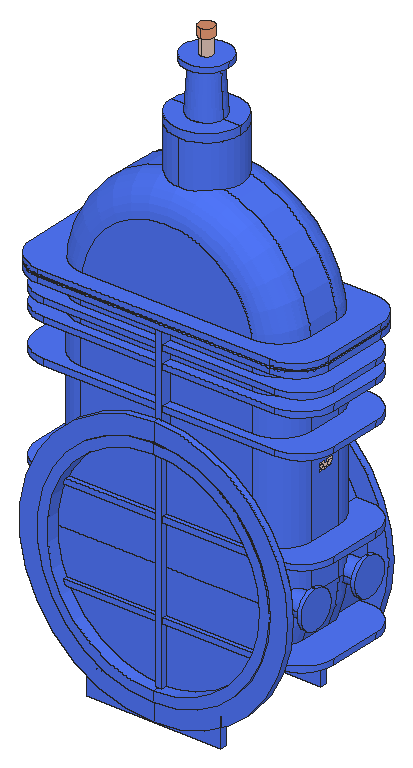
Revit family "54-3132-001 DN1400-1800", category Pipe Accessories, Revit 2022
Family settings
  Round Connector Dimension = Use Diameter
  Part Type = Valve - Breaks Into
  Work Plane-Based = No
  Always vertical = No
  Cut with Voids When Loaded = No
  Shared = No
Parameters (values of type "54-1400-31-0303100")
  wedge_dim1 = Body_W * 1.1  # 712.80 mm
  sweep = size_lookup(Search_table, "sweep", 0.00 mm, DN)  # 6.00 mm
  stem_dim1 = Actuator_FLR * 0.65  # 97.50 mm
  stem_dim = F2 / 3  # 55.333 mm
  bottom_rib = OD * 0.5  # 885.00 mm
  W_half = W - W1  # 1059.00 mm
  W1 = size_lookup(Search_table, "W1", 0.00 mm, DN)  # 897.00 mm
  W = size_lookup(Search_table, "W", 0.00 mm, DN)  # 1956.00 mm
  Stem_dim = Actuator_FLR * 0.5  # 75.00 mm
  Rib_W = (Bonnet_FL_W * 0.9) / 2  # 388.80 mm
  Rib_L = (Bonnet_FL_L * 0.9) / 2  # 880.20 mm
  Rib_H4 = size_lookup(Search_table, "Rib_H4", 0.00 mm, DN)  # 1310.00 mm
  Rib_H3 = size_lookup(Search_table, "Rib_H3", 0.00 mm, DN)  # 1200.00 mm
  Rib_H2 = size_lookup(Search_table, "Rib_H2", 0.00 mm, DN)  # 950.00 mm
  Rib_H1 = size_lookup(Search_table, "Rib_H1", 0.00 mm, DN)  # 300.00 mm
  Rib_H = Body_H * 0.8  # 1148.00 mm
  Rib_Actual = W / 2  # 978.00 mm
  Raised_dis = size_lookup(Search_table, "Raised_dis", 0.00 mm, DN)  # 5.00 mm
  Raised_dia = size_lookup(Search_table, "Raised_dia", 0.00 mm, DN)  # 1530.00 mm
  PN = size_lookup(Search_table, "PN", 0.00 mm, DN)  # 10.00 mm
  OD1 = H2 * 2  # 1770.00 mm
  OD = size_lookup(Search_table, "OD", 0.00 mm, DN)  # 1770.00 mm
  L = size_lookup(Search_table, "L", 0.00 mm, DN)  # 876.00 mm
  H2 = size_lookup(Search_table, "H2", 0.00 mm, DN)  # 885.00 mm
  H1 = size_lookup(Search_table, "H1", 0.00 mm, DN)  # 2870.00 mm
  H = 782.00 mm
  Fillet = Body_W / 3  # 216.00 mm
  FL_T = size_lookup(Search_table, "FL_T", 0.00 mm, DN)  # 46.00 mm
  F2 = size_lookup(Search_table, "F2", 0.00 mm, DN)  # 166.00 mm
  F1 = F * 0.45  # 27.00 mm
  F = Actuator_FLR * 0.4  # 60.00 mm
  DN = 1400.00 mm
  Description_ = "AVK METAL SEAT GATE VALVE, FLANGED, PN 10/16"
  Default Elevation = 0.00 mm
  Search_table = "54-3132-001 DN1400-1800"
  URL product pages = "https://www.avkvalves.com/P.aspx?no=540350310101100"
  Cut_dis = Bonnet_FL_T / 2  # 43.70 mm
  Bypass_shaft = size_lookup(Search_table, "Bypass_shaft", 0.00 mm, DN)  # 150.00 mm
  Bypass_dis = size_lookup(Search_table, "Bypass_dis", 0.00 mm, DN)  # 60.00 mm
  Bypass_T = size_lookup(Search_table, "Bypass_T", 0.00 mm, DN)  # 25.00 mm
  Bypass_R1 = Bypass_R * 2  # 124.00 mm
  Bypass_R = size_lookup(Search_table, "Bypass_R", 0.00 mm, DN)  # 62.00 mm
  Bypass_W = size_lookup(Search_table, "Bypass_W", 0.00 mm, DN)  # 82.00 mm
  Bypass_Location = size_lookup(Search_table, "Bypass_Location", 0.00 mm, DN)  # 220.00 mm
  Bypass_Arc = size_lookup(Search_table, "Bypass_Arc", 0.00 mm, DN)  # 85.00 mm
  Bore = DN / 2  # 700.00 mm
  Bonnet_fillet = Fillet / 3  # 72.00 mm
  Bonnet_dim3 = H1 * 0.86  # 2468.20 mm
  Bonnet_dim2 = Body_W * 0.35  # 226.80 mm
  Bonnet_dim1 = Body_L * 0.2  # 312.96 mm
  Bonnet_FL_W = size_lookup(Search_table, "Bonnet_FL_W", 0.00 mm, DN)  # 864.00 mm
  Bonnet_FL_T = FL_T * 1.9  # 87.40 mm
  Bonnet_FL_L = size_lookup(Search_table, "Bonnet_FL_L", 0.00 mm, DN)  # 1956.00 mm
  Body_rib_T = FL_T * 0.4  # 18.40 mm
  Body_T = size_lookup(Search_table, "Body_T", 0.00 mm, DN) / 2  # 692.50 mm
  Body_W = Bonnet_FL_W * 0.75  # 648.00 mm
  Body_L = Bonnet_FL_L * 0.8  # 1564.80 mm
  Body_H = H1 / 2  # 1435.00 mm
  BP_centre = Bypass_R / 2  # 31.00 mm
  Actuator_dim2 = Actuator_dim1 * 0.6  # 54.00 mm
  Actuator_dim1 = Actuator_FLR * 0.6  # 90.00 mm
  Actuator_angle = Bonnet_dim2 / 1.7  # 133.412 mm
  Actuator_FLR = size_lookup(Search_table, "Actuator_FLR", 0.00 mm, DN) / 2  # 150.00 mm
  ADN = size_lookup(Search_table, "ADN", 0.00 mm, DN)  # 1400.00 mm
  ACtuator_T = Body_rib_T * 1.8  # 33.12 mm
  54-1800-32-1304100 = "DN1800_ PN16_ CTO"
  54-1800-32-0304100 = "DN1800_ PN10_ CTO"
  54-1800-31-1304100 = "DN1800_ PN16_ CTC"
  54-1800-31-0304100 = "DN1800_ PN10_ CTC"
  54-1600-32-1303100 = "DN1600_ PN16_ CTO"
  54-1600-32-0303100 = "DN1600_ PN10_ CTO"
  54-1600-31-1304100 = "DN1600_ PN16_ CTC"
  54-1600-31-1303100 = "DN1600_ PN16_ CTC"
  54-1600-31-0304100 = "DN1600_ PN10_ CTC"
  54-1600-31-0303100 = "DN1600_ PN10_ CTC"
  54-1500-31-1304100 = "DN1500_ PN16_ CTC"
  54-1500-31-0304100 = "DN1500_ PN10_ CTC"
  54-1400-32-1304100 = "DN1400_ PN16_ CTO"
  54-1400-32-1303100 = "DN1400_ PN16_ CTO"
  54-1400-32-0303100 = "DN1400_ PN10_ CTO"
  54-1400-31-1304100 = "DN1400_ PN16_ CTC"
  54-1400-31-1303100 = "DN1400_ PN16_ CTC"
  54-1400-31-0304100 = "DN1400_ PN10_ CTC"
  54-1400-31-0303100 = "DN1400_ PN10_ CTC"
  10 = 10.00 mm  # constant formula
  1 = 1.00 mm  # constant formula
Types (20, lengths in mm): name | wedge_dim1 | stem_dim1 | stem_dim | bottom_rib | W_half | W1 | W | Stem_dim | Rib_W | Rib_L | Rib_H4 | Rib_H3 | Rib_H2 | Rib_H | Rib_Actual | Raised_dia | PN | OD1 | OD | L | H2 | H1 | Fillet | FL_T | F2 | F1 | F | DN | Cut_dis | Bypass_shaft | Bypass_T | Bypass_R1 | Bypass_R | Bypass_Location | Bypass_Arc | Bore | Bonnet_fillet | Bonnet_dim3 | Bonnet_dim2 | Bonnet_dim1 | Bonnet_FL_W | Bonnet_FL_T | Bonnet_FL_L | Body_rib_T | Body_T | Body_W | Body_L | Body_H | BP_centre | Actuator_dim2 | Actuator_dim1 | Actuator_angle | Actuator_FLR | ADN | ACtuator_T
  (no name) | 712.80 | 97.50 | 55.333 | 885.00 | 1059.00 | 897.00 | 1956.00 | 75.00 | 388.80 | 880.20 | 1310.00 | 1200.00 | 950.00 | 1148.00 | 978.00 | 1530.00 | 10.00 | 1770.00 | 1770.00 | 876.00 | 885.00 | 2870.00 | 216.00 | 46.00 | 166.00 | 27.00 | 60.00 | 1400.00 | 43.70 | 150.00 | 25.00 | 124.00 | 62.00 | 220.00 | 85.00 | 700.00 | 72.00 | 2468.20 | 226.80 | 312.96 | 864.00 | 87.40 | 1956.00 | 18.40 | 692.50 | 648.00 | 1564.80 | 1435.00 | 31.00 | 54.00 | 90.00 | 133.412 | 150.00 | 1400.00 | 33.12
  54-1400-31-0303100 | 712.80 | 97.50 | 55.333 | 885.00 | 1059.00 | 897.00 | 1956.00 | 75.00 | 388.80 | 880.20 | 1310.00 | 1200.00 | 950.00 | 1148.00 | 978.00 | 1530.00 | 10.00 | 1770.00 | 1770.00 | 876.00 | 885.00 | 2870.00 | 216.00 | 46.00 | 166.00 | 27.00 | 60.00 | 1400.00 | 43.70 | 150.00 | 25.00 | 124.00 | 62.00 | 220.00 | 85.00 | 700.00 | 72.00 | 2468.20 | 226.80 | 312.96 | 864.00 | 87.40 | 1956.00 | 18.40 | 692.50 | 648.00 | 1564.80 | 1435.00 | 31.00 | 54.00 | 90.00 | 133.412 | 150.00 | 1400.00 | 33.12
  54-1400-31-0304100 | 712.80 | 113.75 | 67.333 | 885.00 | 1059.00 | 897.00 | 1956.00 | 87.50 | 388.80 | 880.20 | 1310.00 | 1200.00 | 950.00 | 1148.00 | 978.00 | 1530.00 | 10.00 | 1770.00 | 1770.00 | 876.00 | 885.00 | 2870.00 | 216.00 | 46.00 | 202.00 | 31.50 | 70.00 | 1400.10 | 43.70 | 150.00 | 25.00 | 124.00 | 62.00 | 220.00 | 85.00 | 700.05 | 72.00 | 2468.20 | 226.80 | 312.96 | 864.00 | 87.40 | 1956.00 | 18.40 | 692.50 | 648.00 | 1564.80 | 1435.00 | 31.00 | 63.00 | 105.00 | 133.412 | 175.00 | 1400.00 | 33.12
  54-1400-31-1303100 | 712.80 | 97.50 | 55.333 | 885.00 | 1059.00 | 897.00 | 1956.00 | 75.00 | 388.80 | 880.20 | 1310.00 | 1200.00 | 950.00 | 1148.00 | 978.00 | 1530.00 | 16.00 | 1770.00 | 1770.00 | 876.00 | 885.00 | 2870.00 | 216.00 | 60.00 | 166.00 | 27.00 | 60.00 | 1400.11 | 57.00 | 150.00 | 25.00 | 124.00 | 62.00 | 220.00 | 85.00 | 700.055 | 72.00 | 2468.20 | 226.80 | 312.96 | 864.00 | 114.00 | 1956.00 | 24.00 | 692.50 | 648.00 | 1564.80 | 1435.00 | 31.00 | 54.00 | 90.00 | 133.412 | 150.00 | 1400.00 | 43.20
  54-1400-31-1304100 | 712.80 | 113.75 | 67.333 | 885.00 | 1059.00 | 897.00 | 1956.00 | 87.50 | 388.80 | 880.20 | 1310.00 | 1200.00 | 950.00 | 1148.00 | 978.00 | 1530.00 | 16.00 | 1770.00 | 1770.00 | 876.00 | 885.00 | 2870.00 | 216.00 | 60.00 | 202.00 | 31.50 | 70.00 | 1400.12 | 57.00 | 150.00 | 25.00 | 124.00 | 62.00 | 220.00 | 85.00 | 700.06 | 72.00 | 2468.20 | 226.80 | 312.96 | 864.00 | 114.00 | 1956.00 | 24.00 | 692.50 | 648.00 | 1564.80 | 1435.00 | 31.00 | 63.00 | 105.00 | 133.412 | 175.00 | 1400.00 | 43.20
  54-1400-32-0303100 | 712.80 | 97.50 | 55.333 | 885.00 | 1059.00 | 897.00 | 1956.00 | 75.00 | 388.80 | 880.20 | 1310.00 | 1200.00 | 950.00 | 1148.00 | 978.00 | 1530.00 | 10.00 | 1770.00 | 1770.00 | 876.00 | 885.00 | 2870.00 | 216.00 | 46.00 | 166.00 | 27.00 | 60.00 | 1400.13 | 43.70 | 150.00 | 25.00 | 124.00 | 62.00 | 220.00 | 85.00 | 700.065 | 72.00 | 2468.20 | 226.80 | 312.96 | 864.00 | 87.40 | 1956.00 | 18.40 | 692.50 | 648.00 | 1564.80 | 1435.00 | 31.00 | 54.00 | 90.00 | 133.412 | 150.00 | 1400.00 | 33.12
  54-1400-32-1303100 | 712.80 | 97.50 | 55.333 | 885.00 | 1059.00 | 897.00 | 1956.00 | 75.00 | 388.80 | 880.20 | 1310.00 | 1200.00 | 950.00 | 1148.00 | 978.00 | 1530.00 | 16.00 | 1770.00 | 1770.00 | 876.00 | 885.00 | 2870.00 | 216.00 | 60.00 | 166.00 | 27.00 | 60.00 | 1400.14 | 57.00 | 150.00 | 25.00 | 124.00 | 62.00 | 220.00 | 85.00 | 700.07 | 72.00 | 2468.20 | 226.80 | 312.96 | 864.00 | 114.00 | 1956.00 | 24.00 | 692.50 | 648.00 | 1564.80 | 1435.00 | 31.00 | 54.00 | 90.00 | 133.412 | 150.00 | 1400.00 | 43.20
  54-1400-32-1304100 | 712.80 | 113.75 | 67.333 | 885.00 | 1059.00 | 897.00 | 1956.00 | 87.50 | 388.80 | 880.20 | 1310.00 | 1200.00 | 950.00 | 1148.00 | 978.00 | 1530.00 | 16.00 | 1770.00 | 1770.00 | 876.00 | 885.00 | 2870.00 | 216.00 | 60.00 | 202.00 | 31.50 | 70.00 | 1400.15 | 57.00 | 150.00 | 25.00 | 124.00 | 62.00 | 220.00 | 85.00 | 700.075 | 72.00 | 2468.20 | 226.80 | 312.96 | 864.00 | 114.00 | 1956.00 | 24.00 | 692.50 | 648.00 | 1564.80 | 1435.00 | 31.00 | 63.00 | 105.00 | 133.412 | 175.00 | 1400.00 | 43.20
  54-1500-31-0304100 | 754.05 | 113.75 | 68.333 | 1016.00 | 1210.00 | 1000.00 | 2210.00 | 87.50 | 411.30 | 994.50 | 1450.00 | 1300.00 | 1200.00 | 1267.60 | 1105.00 | 1640.00 | 10.00 | 2032.00 | 2032.00 | 914.00 | 1016.00 | 3169.00 | 228.50 | 47.50 | 205.00 | 31.50 | 70.00 | 1500.00 | 45.125 | 160.00 | 18.00 | 150.00 | 75.00 | 220.00 | 85.00 | 750.00 | 76.167 | 2725.34 | 239.925 | 353.60 | 914.00 | 90.25 | 2210.00 | 19.00 | 742.50 | 685.50 | 1768.00 | 1584.50 | 37.50 | 63.00 | 105.00 | 141.132 | 175.00 | 1500.00 | 34.20
  54-1500-31-1304100 | 754.05 | 113.75 | 68.333 | 1016.00 | 1210.00 | 1000.00 | 2210.00 | 87.50 | 411.30 | 994.50 | 1450.00 | 1300.00 | 1200.00 | 1267.60 | 1105.00 | 1640.00 | 16.00 | 2032.00 | 2032.00 | 914.00 | 1016.00 | 3169.00 | 228.50 | 62.50 | 205.00 | 31.50 | 70.00 | 1500.10 | 59.375 | 160.00 | 18.00 | 150.00 | 75.00 | 220.00 | 85.00 | 750.05 | 76.167 | 2725.34 | 239.925 | 353.60 | 914.00 | 118.75 | 2210.00 | 25.00 | 742.50 | 685.50 | 1768.00 | 1584.50 | 37.50 | 63.00 | 105.00 | 141.132 | 175.00 | 1500.00 | 45.00
  54-1600-31-0303100 | 754.05 | 97.50 | 59.667 | 1060.00 | 1186.00 | 1104.00 | 2290.00 | 75.00 | 411.30 | 1030.50 | 1500.00 | 1300.00 | 1100.00 | 1316.40 | 1145.00 | 1750.00 | 10.00 | 2120.00 | 2120.00 | 914.00 | 1060.00 | 3291.00 | 228.50 | 49.00 | 179.00 | 27.00 | 60.00 | 1600.00 | 46.55 | 170.00 | 35.00 | 160.00 | 80.00 | 259.00 | 100.00 | 800.00 | 76.167 | 2830.26 | 239.925 | 366.40 | 914.00 | 93.10 | 2290.00 | 19.60 | 792.50 | 685.50 | 1832.00 | 1645.50 | 40.00 | 54.00 | 90.00 | 141.132 | 150.00 | 1600.00 | 35.28
  54-1600-31-0304100 | 754.05 | 113.75 | 68.333 | 1060.00 | 1186.00 | 1104.00 | 2290.00 | 87.50 | 411.30 | 1030.50 | 1500.00 | 1300.00 | 1100.00 | 1316.40 | 1145.00 | 1750.00 | 10.00 | 2120.00 | 2120.00 | 914.00 | 1060.00 | 3291.00 | 228.50 | 49.00 | 205.00 | 31.50 | 70.00 | 1600.10 | 46.55 | 170.00 | 35.00 | 160.00 | 80.00 | 259.00 | 100.00 | 800.05 | 76.167 | 2830.26 | 239.925 | 366.40 | 914.00 | 93.10 | 2290.00 | 19.60 | 792.50 | 685.50 | 1832.00 | 1645.50 | 40.00 | 63.00 | 105.00 | 141.132 | 175.00 | 1600.00 | 35.28
  54-1600-31-1303100 | 754.05 | 97.50 | 59.667 | 1060.00 | 1186.00 | 1104.00 | 2290.00 | 75.00 | 411.30 | 1030.50 | 1500.00 | 1300.00 | 1100.00 | 1316.40 | 1145.00 | 1750.00 | 16.00 | 2120.00 | 2120.00 | 914.00 | 1060.00 | 3291.00 | 228.50 | 65.00 | 179.00 | 27.00 | 60.00 | 1600.11 | 61.75 | 170.00 | 35.00 | 160.00 | 80.00 | 259.00 | 100.00 | 800.055 | 76.167 | 2830.26 | 239.925 | 366.40 | 914.00 | 123.50 | 2290.00 | 26.00 | 792.50 | 685.50 | 1832.00 | 1645.50 | 40.00 | 54.00 | 90.00 | 141.132 | 150.00 | 1600.00 | 46.80
  54-1600-31-1304100 | 754.05 | 113.75 | 68.333 | 1060.00 | 1186.00 | 1104.00 | 2290.00 | 87.50 | 411.30 | 1030.50 | 1500.00 | 1300.00 | 1100.00 | 1316.40 | 1145.00 | 1750.00 | 16.00 | 2120.00 | 2120.00 | 914.00 | 1060.00 | 3291.00 | 228.50 | 65.00 | 205.00 | 31.50 | 70.00 | 1600.12 | 61.75 | 170.00 | 35.00 | 160.00 | 80.00 | 259.00 | 100.00 | 800.06 | 76.167 | 2830.26 | 239.925 | 366.40 | 914.00 | 123.50 | 2290.00 | 26.00 | 792.50 | 685.50 | 1832.00 | 1645.50 | 40.00 | 63.00 | 105.00 | 141.132 | 175.00 | 1600.00 | 46.80
  54-1600-32-0303100 | 754.05 | 97.50 | 59.667 | 1060.00 | 1186.00 | 1104.00 | 2290.00 | 75.00 | 411.30 | 1030.50 | 1500.00 | 1300.00 | 1100.00 | 1316.40 | 1145.00 | 1750.00 | 10.00 | 2120.00 | 2120.00 | 914.00 | 1060.00 | 3291.00 | 228.50 | 49.00 | 179.00 | 27.00 | 60.00 | 1600.13 | 46.55 | 170.00 | 35.00 | 160.00 | 80.00 | 259.00 | 100.00 | 800.065 | 76.167 | 2830.26 | 239.925 | 366.40 | 914.00 | 93.10 | 2290.00 | 19.60 | 792.50 | 685.50 | 1832.00 | 1645.50 | 40.00 | 54.00 | 90.00 | 141.132 | 150.00 | 1600.00 | 35.28
  54-1600-32-1303100 | 754.05 | 97.50 | 59.667 | 1060.00 | 1186.00 | 1104.00 | 2290.00 | 75.00 | 411.30 | 1030.50 | 1500.00 | 1300.00 | 1100.00 | 1316.40 | 1145.00 | 1750.00 | 16.00 | 2120.00 | 2120.00 | 914.00 | 1060.00 | 3291.00 | 228.50 | 65.00 | 179.00 | 27.00 | 60.00 | 1600.14 | 61.75 | 170.00 | 35.00 | 160.00 | 80.00 | 259.00 | 100.00 | 800.07 | 76.167 | 2830.26 | 239.925 | 366.40 | 914.00 | 123.50 | 2290.00 | 26.00 | 792.50 | 685.50 | 1832.00 | 1645.50 | 40.00 | 54.00 | 90.00 | 141.132 | 150.00 | 1600.00 | 46.80
  54-1800-31-0304100 | 838.20 | 113.75 | 69.333 | 1180.00 | 1194.00 | 1260.00 | 2454.00 | 87.50 | 457.20 | 1074.60 | 1700.00 | 1500.00 | 1300.00 | 1463.60 | 1227.00 | 1950.00 | 10.00 | 2360.00 | 2360.00 | 1067.00 | 1180.00 | 3659.00 | 254.00 | 52.00 | 208.00 | 31.50 | 70.00 | 1800.00 | 49.40 | 150.00 | 40.00 | 170.00 | 85.00 | 259.00 | 105.00 | 900.00 | 84.667 | 3146.74 | 266.70 | 382.08 | 1016.00 | 98.80 | 2388.00 | 20.80 | 892.50 | 762.00 | 1910.40 | 1829.50 | 42.50 | 63.00 | 105.00 | 156.882 | 175.00 | 1800.00 | 37.44
  54-1800-31-1304100 | 838.20 | 113.75 | 69.333 | 1180.00 | 1194.00 | 1260.00 | 2454.00 | 87.50 | 457.20 | 1074.60 | 1700.00 | 1500.00 | 1300.00 | 1463.60 | 1227.00 | 1950.00 | 16.00 | 2360.00 | 2360.00 | 1067.00 | 1180.00 | 3659.00 | 254.00 | 70.00 | 208.00 | 31.50 | 70.00 | 1800.10 | 66.50 | 150.00 | 40.00 | 170.00 | 85.00 | 259.00 | 105.00 | 900.05 | 84.667 | 3146.74 | 266.70 | 382.08 | 1016.00 | 133.00 | 2388.00 | 28.00 | 892.50 | 762.00 | 1910.40 | 1829.50 | 42.50 | 63.00 | 105.00 | 156.882 | 175.00 | 1800.00 | 50.40
  54-1800-32-0304100 | 838.20 | 113.75 | 69.333 | 1180.00 | 1194.00 | 1260.00 | 2454.00 | 87.50 | 457.20 | 1074.60 | 1700.00 | 1500.00 | 1300.00 | 1463.60 | 1227.00 | 1950.00 | 10.00 | 2360.00 | 2360.00 | 1067.00 | 1180.00 | 3659.00 | 254.00 | 52.00 | 208.00 | 31.50 | 70.00 | 1800.11 | 49.40 | 150.00 | 40.00 | 170.00 | 85.00 | 259.00 | 105.00 | 900.055 | 84.667 | 3146.74 | 266.70 | 382.08 | 1016.00 | 98.80 | 2388.00 | 20.80 | 892.50 | 762.00 | 1910.40 | 1829.50 | 42.50 | 63.00 | 105.00 | 156.882 | 175.00 | 1800.00 | 37.44
  54-1800-32-1304100 | 838.20 | 113.75 | 69.333 | 1180.00 | 1194.00 | 1260.00 | 2454.00 | 87.50 | 457.20 | 1074.60 | 1700.00 | 1500.00 | 1300.00 | 1463.60 | 1227.00 | 1950.00 | 16.00 | 2360.00 | 2360.00 | 1067.00 | 1180.00 | 3659.00 | 254.00 | 70.00 | 208.00 | 31.50 | 70.00 | 1800.12 | 66.50 | 150.00 | 40.00 | 170.00 | 85.00 | 259.00 | 105.00 | 900.06 | 84.667 | 3146.74 | 266.70 | 382.08 | 1016.00 | 133.00 | 2388.00 | 28.00 | 892.50 | 762.00 | 1910.40 | 1829.50 | 42.50 | 63.00 | 105.00 | 156.882 | 175.00 | 1800.00 | 50.40
Reference planes
  plane 1 "Center (Front/Back)": y = 0
  plane 2: z = 0
  plane 3 "Center (Left/Right)": x = 0
  plane 4: z = 700
  plane 5: y = 190.5
  plane 6: y = -190.5
  plane 7: x = -1059
  plane 8: y = 438
  plane 9: y = -438
  plane 10: y = 392
  plane 11: y = -392
  plane 12: z = 885
  plane 13: z = -885
  plane 14: z = 885
  plane 15: z = -885
  plane 16: z = 765
  plane 17: z = -765
  plane 18: y = 324
  plane 19: y = -324
  plane 20: x = -782.4
  plane 21: x = 782.4
  plane 22: z = 1435
  plane 23: y = 432
  plane 24: y = -432
  plane 25: x = -978
  plane 26: x = 978
  plane 27: z = 1522.4
  plane 28: z = 2870
  plane 29: y = 432
  plane 30: y = -432
  plane 31: z = 2468.2
  plane 32: z = 300
  plane 33: z = 277.5
  plane 34: y = -432
  plane 35: y = 432
  plane 36: z = 3036
  plane 37: x = 897
  plane 38: x = 878.6
  plane 39: y = 356.4
  plane 40: y = -356.4
  plane 41: x = -442.5
  plane 42: x = 442.5
  plane 43: z = -700
  plane 44: y = -433
  plane 45: y = 433
  plane 46: x = -442.5
  plane 47: x = 442.5
  plane 48: z = -700
  plane 49: x = -30
  plane 50: x = 30
  plane 51: x = -13.5
  plane 52: x = 13.5
  plane 53: x = -150
  plane 54: x = 150
  plane 55: x = 700
  plane 56: z = 950
  plane 57: z = 1200
  plane 58: z = 1310
  plane 59: z = 2980.667
  plane 60: y = -220
  plane 61: y = 220
  plane 62: z = -700
  plane 63: y = -220
  plane 64: y = 220
  plane 65: x = 226.8
  plane 66: x = -978
  plane 67: x = 978
Forms (mm)
  Revolve 1, solid, material "Plastic"
    sketch origin (0, 0, 0) x (0, 1, 0) y (0, 0, 1)
      loop
        line (438, 700) -> (438, 765) -> (433, 765) -> (433, 885) -> (392, 885) -> (392, 746) -> (-392, 746) -> (-392, 885) -> (-433, 885) -> (-433, 765) -> (-438, 765) -> (-438, 700) -> (438, 700)
      axis (438, 0) -> (-438, 0)
    angle from 0 to 360
  Extrusion 2, solid, material "Plastic"
    sketch origin (0, 0, 0) x (1, 0, 0) y (0, 1, 0)
      loop
        arc (-566.4, 324) -> (-719.135, 260.735) -> (-782.4, 108) r 216
        line (-782.4, 108) -> (-782.4, -108)
        arc (-782.4, -108) -> (-719.135, -260.735) -> (-566.4, -324) r 216
        line (-566.4, -324) -> (566.4, -324)
        arc (566.4, -324) -> (719.135, -260.735) -> (782.4, -108) r 216
        line (782.4, -108) -> (782.4, 108)
        arc (782.4, 108) -> (719.135, 260.735) -> (566.4, 324) r 216
        line (566.4, 324) -> (-566.4, 324)
    from 0 to 1435
  Revolve 3, solid, material "Plastic"
    sketch origin (0, 0, 0) x (1, 0, 0) y (0, 1, 0)
      loop
        arc (-566.4, 324) -> (-719.135, 260.735) -> (-782.4, 108) r 216
        line (-782.4, 108) -> (-782.4, -108)
        arc (-782.4, -108) -> (-719.135, -260.735) -> (-566.4, -324) r 216
        line (-566.4, -324) -> (0, -324) -> (0, 324) -> (-566.4, 324)
      axis (0, 324) -> (0, -324)
    angle from 0 to 180
  Extrusion 4, solid, material "Plastic"
    sketch origin (0, 417.889, 1435) x (0, 1, 0) y (-1, 0, 0)
      loop
        arc (14.111, 762) -> (-49.154, 914.735) -> (-201.889, 978) r 216
        line (-201.889, 978) -> (-633.889, 978)
        arc (-633.889, 978) -> (-786.624, 914.735) -> (-849.889, 762) r 216
        line (-849.889, 762) -> (-849.889, -762)
        arc (-849.889, -762) -> (-786.624, -914.735) -> (-633.889, -978) r 216
        line (-633.889, -978) -> (-201.889, -978)
        arc (-201.889, -978) -> (-49.154, -914.735) -> (14.111, -762) r 216
        line (14.111, -762) -> (14.111, 762)
    from 0 to 87.4
  Revolve 5, solid, material "Plastic"
    sketch origin (0, 417.889, 1435) x (0, 1, 0) y (-1, 0, 0)
      loop
        arc (-309.889, -782.4) -> (-157.154, -719.135) -> (-93.889, -566.4) r 216
        line (-93.889, -566.4) -> (-93.889, 0) -> (-741.889, 0) -> (-741.889, -566.4)
        arc (-741.889, -566.4) -> (-678.624, -719.135) -> (-525.889, -782.4) r 216
        line (-525.889, -782.4) -> (-309.889, -782.4)
      axis (-93.889, 0) -> (-741.889, 0)
    angle from 360 to 180
  Sweep 6, void
    path in 3D
      loop
        arc (-762, 432, 1522.4) -> (-914.735, 368.735, 1522.4) -> (-978, 216, 1522.4) r 216
        line (-978, 216, 1522.4) -> (-978, -216, 1522.4)
        arc (-978, -216, 1522.4) -> (-914.735, -368.735, 1522.4) -> (-762, -432, 1522.4) r 216
        line (-762, -432, 1522.4) -> (762, -432, 1522.4)
        arc (762, -432, 1522.4) -> (914.735, -368.735, 1522.4) -> (978, -216, 1522.4) r 216
        line (978, -216, 1522.4) -> (978, 216, 1522.4)
        arc (978, 216, 1522.4) -> (914.735, 368.735, 1522.4) -> (762, 432, 1522.4) r 216
        line (762, 432, 1522.4) -> (-762, 432, 1522.4)
    profile origin (0, 432, 1522.4) x (0, -1, 0) y (0, 0, 1)
      loop
        circle (0, -43.7) r 6
  Extrusion 7, solid, material "Plastic"
    sketch origin (0, 417.889, 1435) x (0, 1, 0) y (-1, 0, 0)
      loop
        circle (-417.889, 0) r 226.8
    from 1033.2 to 0
  Extrusion 8, solid, material "Plastic"
    sketch origin (-848.252, -1524, 300) x (-1, 0, 0) y (0, -1, 0)
      loop
        arc (-86.252, -1912.8) -> (66.483, -1849.535) -> (129.748, -1696.8) r 216
        line (129.748, -1696.8) -> (129.748, -1351.2)
        arc (129.748, -1351.2) -> (66.483, -1198.465) -> (-86.252, -1135.2) r 216
        line (-86.252, -1135.2) -> (-1610.252, -1135.2)
        arc (-1610.252, -1135.2) -> (-1762.987, -1198.465) -> (-1826.252, -1351.2) r 216
        line (-1826.252, -1351.2) -> (-1826.252, -1696.8)
        arc (-1826.252, -1696.8) -> (-1762.987, -1849.535) -> (-1610.252, -1912.8) r 216
        line (-1610.252, -1912.8) -> (-86.252, -1912.8)
    from -18.4 to 18.4
  Extrusion 9, solid, material "Plastic"
    sketch origin (0, 0, 0) x (0, 1, 0) y (0, 0, 1)
      loop
        line (392, 1435) -> (324, 1435) -> (324, -700) -> (392, -700) -> (392, 1435)
      loop
        line (-392, 1435) -> (-392, -700) -> (-324, -700) -> (-324, 1435) -> (-392, 1435)
    from -18.4 to 18.4
  Extrusion 10, solid, material "Plastic"
    sketch origin (-736.328, -1524, 2870) x (-1, 0, 0) y (0, -1, 0)
      loop
        circle (-736.328, -1524) r 150
    from 0 to -33.12
  Revolve 11, solid, material "Plastic"
    sketch origin (0, 0, 0) x (1, 0, 0) y (0, 1, 0)
      loop
        line (0, 356.4) -> (0, -356.4) -> (700, -356.4) -> (700, 356.4) -> (0, 356.4)
      axis (0, 356.4) -> (0, -356.4)
    angle from 0 to 360
  Extrusion 12, solid, material "Plastic"
    sketch origin (0, 0, 0) x (1, 0, 0) y (0, 0, 1)
      loop
        line (-442.5, -701) -> (-442.5, -885) -> (442.5, -885) -> (442.5, -701) -> (-442.5, -701)
    from 392 to 432
  Extrusion 13, solid, material "Plastic"
    sketch origin (0, 0, 0) x (1, 0, 0) y (0, 0, 1)
      loop
        line (-442.5, -885) -> (442.5, -885) -> (442.5, -701) -> (-442.5, -701) -> (-442.5, -885)
    from -432 to -392
  Extrusion 14, solid, material "Plastic"
    sketch origin (4267.2, -575.671, 950) x (0, -1, 0) y (1, 0, 0)
      loop
        line (-748.471, -5245.2) -> (-402.871, -5245.2)
        arc (-402.871, -5245.2) -> (-250.136, -5181.935) -> (-186.871, -5029.2) r 216
        line (-186.871, -5029.2) -> (-186.871, -3505.2)
        arc (-186.871, -3505.2) -> (-250.136, -3352.465) -> (-402.871, -3289.2) r 216
        line (-402.871, -3289.2) -> (-748.471, -3289.2)
        arc (-748.471, -3289.2) -> (-901.206, -3352.465) -> (-964.471, -3505.2) r 216
        line (-964.471, -3505.2) -> (-964.471, -5029.2)
        arc (-964.471, -5029.2) -> (-901.206, -5181.935) -> (-748.471, -5245.2) r 216
    from -18.4 to 18.4
  Extrusion 15, solid, material "Plastic"
    sketch origin (4267.2, -524.875, 1200) x (0, -1, 0) y (1, 0, 0)
      loop
        arc (-352.075, -5245.2) -> (-199.34, -5181.935) -> (-136.075, -5029.2) r 216
        line (-136.075, -5029.2) -> (-136.075, -3505.2)
        arc (-136.075, -3505.2) -> (-199.34, -3352.465) -> (-352.075, -3289.2) r 216
        line (-352.075, -3289.2) -> (-697.675, -3289.2)
        arc (-697.675, -3289.2) -> (-850.41, -3352.465) -> (-913.675, -3505.2) r 216
        line (-913.675, -3505.2) -> (-913.675, -5029.2)
        arc (-913.675, -5029.2) -> (-850.41, -5181.935) -> (-697.675, -5245.2) r 216
        line (-697.675, -5245.2) -> (-352.075, -5245.2)
    from -18.4 to 18.4
  Extrusion 16, solid, material "Plastic"
    sketch origin (4267.2, -664.232, 1310) x (0, -1, 0) y (1, 0, 0)
      loop
        arc (-1053.032, -5029.2) -> (-989.767, -5181.935) -> (-837.032, -5245.2) r 216
        line (-837.032, -5245.2) -> (-491.432, -5245.2)
        arc (-491.432, -5245.2) -> (-338.697, -5181.935) -> (-275.432, -5029.2) r 216
        line (-275.432, -5029.2) -> (-275.432, -3505.2)
        arc (-275.432, -3505.2) -> (-338.697, -3352.465) -> (-491.432, -3289.2) r 216
        line (-491.432, -3289.2) -> (-837.032, -3289.2)
        arc (-837.032, -3289.2) -> (-989.767, -3352.465) -> (-1053.032, -3505.2) r 216
        line (-1053.032, -3505.2) -> (-1053.032, -5029.2)
    from -18.4 to 18.4
  Extrusion 17, solid, material "DynamoError"
    sketch origin (4267.2, -664.232, 1310) x (0, -1, 0) y (1, 0, 0)
      loop
        circle (-664.232, -4267.2) r 48.75
    from 1670.667 to 1726
  Extrusion 18, solid
    sketch origin (4267.2, -664.232, 1310) x (0, -1, 0) y (1, 0, 0)
      loop
        circle (-664.232, -4267.2) r 37.5
    from 1670.667 to 1560
  Extrusion 19, solid, material "Plastic"
    sketch origin (0, 0, -20.104) x (0, 1, 0) y (0, 0, 1)
      loop
        circle (220, 20.104) r 75
      loop
        circle (-220, 20.104) r 75
    from 872 to 700
  Extrusion 20, solid, material "Plastic"
    sketch origin (-848.252, -1524, -300) x (0, 1, 0) y (1, 0, 0)
      loop
        line (1912.8, 86.252) -> (1912.8, 1610.252)
        arc (1912.8, 1610.252) -> (1849.535, 1762.987) -> (1696.8, 1826.252) r 216
        line (1696.8, 1826.252) -> (1351.2, 1826.252)
        arc (1351.2, 1826.252) -> (1198.465, 1762.987) -> (1135.2, 1610.252) r 216
        line (1135.2, 1610.252) -> (1135.2, 86.252)
        arc (1135.2, 86.252) -> (1198.465, -66.483) -> (1351.2, -129.748) r 216
        line (1351.2, -129.748) -> (1696.8, -129.748)
        arc (1696.8, -129.748) -> (1849.535, -66.483) -> (1912.8, 86.252) r 216
    from -18.4 to 18.4
  Extrusion 21, solid, material "Plastic"
    sketch origin (0, 0, 0) x (0, 1, 0) y (0, 0, 1)
      loop
        arc (-222.101, -121.964) -> (-220, -122) -> (-217.899, -121.964) r 62
        arc (-217.899, -121.964) -> (-100, 0) -> (-217.899, 121.964) r 122.034
        arc (-217.899, 121.964) -> (-220, 122) -> (-222.101, 121.964) r 62
        arc (-222.101, 121.964) -> (-340, 0) -> (-222.101, -121.964) r 122.034
      loop
        arc (222.101, -121.964) -> (340, 0) -> (222.101, 121.964) r 122.034
        arc (222.101, 121.964) -> (220, 122) -> (217.899, 121.964) r 62
        arc (217.899, 121.964) -> (100, 0) -> (217.899, -121.964) r 122.034
        arc (217.899, -121.964) -> (220, -122) -> (222.101, -121.964) r 62
    from 897 to 872
  Revolve 22, solid, material "Plastic"
    sketch origin (0, 0, 0) x (1, 0, 0) y (0, 0, 1)
      loop
        line (0, 2836.88) -> (0, 2468.2) -> (226.8, 2468.2) -> (226.8, 2523.533) -> (115, 2523.533) -> (93.388, 2836.88) -> (0, 2836.88)
      axis (0, 2836.88) -> (0, 2468.2)
    angle from 0 to 360
Cuts and joins
  Sweep 6 cuts Extrusion 4
Lines and regions (mm)
  sketch lines
    curve 1: line (762, 432, 1522.4) -> (-762, 432, 1522.4)
    curve 2: arc (-978, 216, 1522.4) -> (-914.735, 368.735, 1522.4) -> (-762, 432, 1522.4) r 216
    curve 3: line (-978, 216, 1522.4) -> (-978, -216, 1522.4)
    curve 4: arc (-762, -432, 1522.4) -> (-914.735, -368.735, 1522.4) -> (-978, -216, 1522.4) r 216
    curve 5: line (-762, -432, 1522.4) -> (762, -432, 1522.4)
    curve 6: arc (978, -216, 1522.4) -> (914.735, -368.735, 1522.4) -> (762, -432, 1522.4) r 216
    curve 7: line (978, -216, 1522.4) -> (978, 216, 1522.4)
    curve 8: arc (762, 432, 1522.4) -> (914.735, 368.735, 1522.4) -> (978, 216, 1522.4) r 216
Dimensions and locks
  "Bore": plane 4 to level
  equal spacing: plane 5, plane 1 "Center (Front/Back)", plane 6
  plane 3 "Center (Left/Right)" to plane 7 = 1059.00 mm
  "Bore": Revolve 1 sketch curve to level
  equal spacing: Revolve 1, plane 1 "Center (Front/Back)", Revolve 1
  equal spacing: Revolve 1 sketch curve, plane 1 "Center (Front/Back)", Revolve 1 sketch curve  (x3)
  equal spacing: plane 8, plane 1 "Center (Front/Back)", plane 9
  "L": plane 8 to plane 9
  equal spacing: plane 10, plane 1 "Center (Front/Back)", plane 11
  "FL_T": plane 8 to plane 10
  equal spacing: plane 13, level, plane 12
  "OD": plane 12 to plane 13
  "Raised_dis": plane 8 to Revolve 1
  equal spacing: plane 16, level, plane 17
  equal spacing: plane 14, level, plane 15
  "OD1": plane 14 to plane 15
  "Raised_dia": plane 16 to plane 17
  "FL_T": Revolve 1 sketch curve to plane 4
  equal spacing: plane 19, plane 1 "Center (Front/Back)", plane 18
  "Body_W": plane 18 to plane 19
  equal spacing: plane 20, plane 3 "Center (Left/Right)", plane 21
  "Body_L": plane 20 to plane 21
  equal spacing: Extrusion 2 sketch curve, plane 3 "Center (Left/Right)", Extrusion 2 sketch curve
  equal spacing: Extrusion 2 sketch curve, plane 1 "Center (Front/Back)", Extrusion 2 sketch curve
  "Body_H": Extrusion 2 to level
  "Body_H": plane 22 to level
  equal spacing: Extrusion 4 sketch curve, plane 1 "Center (Front/Back)", Extrusion 4 sketch curve
  equal spacing: Extrusion 4 sketch curve, plane 3 "Center (Left/Right)", Extrusion 4 sketch curve
  equal spacing: plane 24, plane 1 "Center (Front/Back)", plane 23
  "Bonnet_FL_W": plane 23 to plane 24
  equal spacing: plane 25, plane 3 "Center (Left/Right)", plane 26
  "Bonnet_FL_L": plane 25 to plane 26
  "Bonnet_FL_T": plane 27 to plane 22
  "H1": plane 28 to level
  equal spacing: plane 29, plane 1 "Center (Front/Back)", plane 30
  "Bonnet_FL_W": plane 29 to plane 30
  equal spacing: plane 27, Sweep 6 sketch curve, plane 22
  "sweep": plane 29 to Sweep 6 sketch curve
  "Bonnet_dim3": plane 31 to level
  "Rib_H1": plane 32 to level
  equal spacing: Extrusion 8 sketch curve, plane 1 "Center (Front/Back)", Extrusion 8 sketch curve
  equal spacing: Extrusion 8 sketch curve, plane 3 "Center (Left/Right)", Extrusion 8 sketch curve
  equal spacing: Extrusion 8, plane 32, Extrusion 8
  "Body_rib_T": plane 32 to Extrusion 8
  "Rib_W": plane 1 "Center (Front/Back)" to Extrusion 8 sketch curve
  "Rib_Actual": Extrusion 8 sketch curve to plane 3 "Center (Left/Right)"
  equal spacing: plane 35, plane 1 "Center (Front/Back)", plane 34
  "Bonnet_FL_W": plane 35 to plane 34
  equal spacing: Extrusion 9, plane 3 "Center (Left/Right)", Extrusion 9
  "Body_rib_T": plane 3 "Center (Left/Right)" to Extrusion 9
  "F2": plane 36 to plane 28
  equal spacing: Extrusion 10 sketch curve, plane 3 "Center (Left/Right)", Extrusion 10 sketch curve
  equal spacing: Extrusion 10 sketch curve, plane 1 "Center (Front/Back)", Extrusion 10 sketch curve
  "ACtuator_T": plane 28 to Extrusion 10
  "Body_rib_T": plane 37 to plane 38
  "W1": plane 37 to plane 3 "Center (Left/Right)"
  "W_half": plane 3 "Center (Left/Right)" to plane 7
  equal spacing: plane 40, plane 1 "Center (Front/Back)", plane 39
  "wedge_dim1": plane 39 to plane 40
  equal spacing: Revolve 11 sketch curve, plane 1 "Center (Front/Back)", Revolve 11 sketch curve
  "Bore": plane 3 "Center (Left/Right)" to Revolve 11 sketch curve
  equal spacing: Extrusion 12 sketch curve, plane 3 "Center (Left/Right)", Extrusion 12 sketch curve
  equal spacing: plane 42, plane 3 "Center (Left/Right)", plane 41
  "bottom_rib": plane 42 to plane 41
  "Bore": level to plane 43
  "Raised_dis": plane 9 to plane 44
  "1": plane 44 to Extrusion 12
  "Raised_dis": plane 45 to plane 8
  equal spacing: Extrusion 13 sketch curve, plane 3 "Center (Left/Right)", Extrusion 13 sketch curve
  equal spacing: plane 47, plane 3 "Center (Left/Right)", plane 46
  "bottom_rib": plane 47 to plane 46
  "Bore": level to plane 48
  "1": plane 48 to Extrusion 13 sketch curve
  "1": Extrusion 13 to plane 45
  "1": plane 43 to Extrusion 12 sketch curve
  plane 9 to plane 8 = 876.00 mm
  plane 13 to level = 885.00 mm
  plane 28 to level = 2870.00 mm  (x2)
  level to plane 13 = 885.00 mm
  equal spacing: plane 50, plane 3 "Center (Left/Right)", plane 49
  "F": plane 50 to plane 49
  equal spacing: plane 52, plane 3 "Center (Left/Right)", plane 51
  "F1": plane 52 to plane 51
  equal spacing: plane 54, plane 3 "Center (Left/Right)", plane 53
  "Actuator_FLR": plane 3 "Center (Left/Right)" to plane 53
  plane 54 to plane 53 = 300.00 mm
  "Bore": plane 55 to plane 3 "Center (Left/Right)"
  "Rib_H2": plane 56 to level
  equal spacing: Extrusion 14, plane 56, Extrusion 14  (x2)
  Extrusion 14 to plane 12 = 83.40 mm
  "Rib_H3": plane 57 to level
  "Rib_H4": plane 58 to level
  "Body_rib_T": Extrusion 14 to plane 56
  equal spacing: Extrusion 15, plane 57, Extrusion 15
  "Body_rib_T": Extrusion 15 to plane 57
  equal spacing: Extrusion 16, plane 58, Extrusion 16
  "Body_rib_T": Extrusion 16 to plane 58
  equal spacing: Extrusion 7 sketch curve, plane 1 "Center (Front/Back)", Extrusion 7 sketch curve
  equal spacing: Extrusion 7 sketch curve, plane 3 "Center (Left/Right)", Extrusion 7 sketch curve
  equal spacing: Extrusion 17 sketch curve, plane 3 "Center (Left/Right)", Extrusion 17 sketch curve
  equal spacing: Extrusion 17 sketch curve, plane 1 "Center (Front/Back)", Extrusion 17 sketch curve
  equal spacing: Extrusion 18 sketch curve, plane 3 "Center (Left/Right)", Extrusion 18 sketch curve
  equal spacing: Extrusion 18 sketch curve, plane 1 "Center (Front/Back)", Extrusion 18 sketch curve
  "stem_dim": plane 36 to plane 59
  equal spacing: plane 60, plane 1 "Center (Front/Back)", plane 61
  "Bypass_Location": plane 60 to plane 1 "Center (Front/Back)"
  Extrusion 20 to Extrusion 20 = 36.80 mm
  equal spacing: Extrusion 20 sketch curve, plane 1 "Center (Front/Back)", Extrusion 20 sketch curve
  "Rib_Actual": Extrusion 20 sketch curve to plane 3 "Center (Left/Right)"
  "Rib_W": plane 1 "Center (Front/Back)" to Extrusion 20 sketch curve
  equal spacing: Extrusion 20 sketch curve, plane 3 "Center (Left/Right)", Extrusion 20 sketch curve
  "Bore": level to plane 62
  equal spacing: Extrusion 19 sketch curve, plane 61, Extrusion 19 sketch curve
  equal spacing: Extrusion 19 sketch curve, level, Extrusion 19 sketch curve  (x2)
  equal spacing: Extrusion 19 sketch curve, plane 60, Extrusion 19 sketch curve
  "Bypass_T": plane 37 to Extrusion 19
  equal spacing: plane 63, plane 1 "Center (Front/Back)", plane 64
  "Bypass_Location": plane 63 to plane 1 "Center (Front/Back)"
  "Bypass_dis": Extrusion 21 sketch curve to level  (x2)
  "Bypass_dis": level to Extrusion 21 sketch curve
  "Bypass_Location": Extrusion 21 sketch curve to plane 1 "Center (Front/Back)"  (x2)
  "Bypass_T": plane 37 to Extrusion 21
  "Bypass_dis": Extrusion 21 sketch curve to Revolve 3
  "stem_dim": Revolve 22 sketch curve to plane 31
  "ACtuator_T": plane 28 to Revolve 22 sketch curve
  "Bonnet_dim2": Revolve 22 sketch curve to plane 3 "Center (Left/Right)"
  "Bonnet_dim2": plane 65 to plane 3 "Center (Left/Right)"
  "Actuator_angle": plane 65 to Revolve 22 sketch curve
  equal spacing: plane 67, plane 3 "Center (Left/Right)", plane 66
  "W": plane 67 to plane 66
  "Fillet": radius of Extrusion 2 sketch curve  (x4)
  "Fillet": radius of Extrusion 4 sketch curve  (x4)
  "sweep": radius of Sweep 6 sketch curve
  "Fillet": radius of Extrusion 8 sketch curve  (x4)
  "Actuator_FLR": radius of Extrusion 10 sketch curve
  "Bonnet_dim2": radius of Extrusion 7 sketch curve
  "stem_dim1": diameter of Extrusion 17 sketch curve
  "Stem_dim": diameter of Extrusion 18 sketch curve
  "Fillet": radius of Extrusion 20 sketch curve  (x4)
  "Bypass_shaft": diameter of Extrusion 19 sketch curve  (x2)
  "Bypass_R": radius of Extrusion 21 sketch curve  (x4)
  aligned and locked: level to plane 2
  aligned and locked: Revolve 1 sketch curve to Revolve 1 sketch curve  (x2)
  aligned and locked: Revolve 1 sketch curve to level
  aligned and locked: Revolve 1 to plane 8
  aligned and locked: Revolve 1 to plane 10
  aligned and locked: plane 14 to Revolve 1 sketch curve
  aligned and locked: plane 16 to Revolve 1 sketch curve
  aligned and locked: Extrusion 2 sketch curve to plane 18
  aligned and locked: plane 20 to Extrusion 2 sketch curve
  aligned and locked: Extrusion 2 to level
  aligned and locked: Revolve 3 sketch curve to Extrusion 2  (x2)
  aligned and locked: Revolve 3 sketch curve to plane 3 "Center (Left/Right)"  (x2)
  aligned and locked: Extrusion 4 sketch curve to plane 23
  aligned and locked: plane 25 to Extrusion 4 sketch curve
  aligned and locked: plane 27 to Extrusion 4
  aligned and locked: Revolve 5 sketch curve to Extrusion 2  (x2)
  aligned and locked: Revolve 5 sketch curve to plane 3 "Center (Left/Right)"  (x2)
  aligned and locked: plane 22 to Revolve 5
  aligned and locked: Revolve 5 to plane 22
  aligned and locked: level to Revolve 3
  aligned and locked: Revolve 3 to level
  aligned and locked: plane 31 to Extrusion 7
  aligned and locked: Extrusion 7 to plane 22
  aligned and locked: plane 18 to Extrusion 9 sketch curve
  aligned and locked: Extrusion 9 sketch curve to plane 22
  aligned and locked: Extrusion 9 sketch curve to plane 10
  aligned and locked: Extrusion 9 sketch curve to plane 11
  aligned and locked: plane 19 to Extrusion 9 sketch curve
  aligned and locked: plane 22 to Extrusion 9 sketch curve
  aligned and locked: Extrusion 10 to plane 28
  aligned and locked: plane 3 "Center (Left/Right)" to Revolve 11 sketch curve
  aligned and locked: Revolve 11 sketch curve to plane 39
  aligned and locked: Revolve 11 sketch curve to plane 3 "Center (Left/Right)"
  aligned and locked: nested 1 to plane 4
  aligned and locked: nested 1 to plane 1 "Center (Front/Back)"
  aligned and locked: plane 13 to Extrusion 12 sketch curve
  aligned and locked: Extrusion 12 to plane 11
  aligned and locked: Extrusion 13 sketch curve to plane 13
  aligned and locked: plane 10 to Extrusion 13
  aligned and locked: plane 36 to Extrusion 17
  aligned and locked: Extrusion 17 to plane 59
  aligned and locked: plane 59 to Extrusion 18
  aligned and locked: Extrusion 19 to plane 55
  aligned and locked: plane 62 to Extrusion 9 sketch curve
  aligned and locked: Extrusion 9 sketch curve to plane 62
  aligned and locked: Extrusion 21 to plane 37
  aligned and locked: Revolve 22 sketch curve to plane 3 "Center (Left/Right)"
  aligned and locked: Revolve 22 sketch curve to plane 31
  aligned and locked: Extrusion 18 to plane 28
  aligned and locked: Extrusion 14 sketch curve to Extrusion 8  (x4)
  aligned and locked: Extrusion 15 sketch curve to Extrusion 14  (x4)
  aligned and locked: Extrusion 16 sketch curve to Extrusion 15  (x4)
  aligned and locked: Extrusion 12 sketch curve to plane 41
  aligned and locked: Extrusion 13 to Extrusion 12
Automatic sketch dimensions
  plane 11 to Revolve 3 sketch curve = 32.17 mm
  plane 10 to Revolve 3 sketch curve = 29.83 mm
  Revolve 5 sketch curve to plane 11 = 0.00 mm
  Revolve 5 sketch curve to Revolve 5 sketch curve = 39.568 mm
  Revolve 1 sketch curve to plane 9 = 0.00 mm
  Revolve 1 sketch curve to plane 44 = 0.00 mm
  Revolve 1 sketch curve to plane 11 = 0.00 mm
  Revolve 1 sketch curve to plane 44 = 1.981 mm
  Revolve 1 sketch curve to plane 5 = 1.519 mm
  plane 9 to Revolve 11 sketch curve = 103.322 mm
  Revolve 11 sketch curve to plane 8 = 234.678 mm
  plane 46 to Extrusion 13 sketch curve = 0.00 mm
  Extrusion 21 sketch curve to level = 0.00 mm  (x4)
  Extrusion 21 sketch curve to plane 63 = 0.00 mm
  Extrusion 21 sketch curve to plane 64 = 0.00 mm
  Extrusion 21 sketch curve to plane 63 = 2.034 mm
  plane 63 to Extrusion 21 sketch curve = 2.034 mm
  plane 64 to Extrusion 21 sketch curve = 2.034 mm
  Extrusion 21 sketch curve to plane 64 = 2.034 mm
  Extrusion 21 sketch curve to Extrusion 21 sketch curve = 0.00 mm  (x4)
  Revolve 22 sketch curve to plane 3 "Center (Left/Right)" = 0.00 mm
  plane 54 to Revolve 22 sketch curve = 35.00 mm
  Revolve 22 sketch curve to Revolve 22 sketch curve = 160.008 mm
  plane 36 to Revolve 22 sketch curve = 100.792 mm
Nested families
  nested 1: "logo large-1" at (782.4, 0, 700) x (0, 1, 0) z (1, 0, 0), type "logo large-1"
Connectors
  piping at (0, -433, 0), diameter 1400, driven by "DN"
    settings: on Revolve 1, index 1, connector inside diameter 609.6 mm, connector length 0.00 mm, flow factor 0, pipe flow 0.0 L/s, pressure drop 0.0 Pa, fitting loss kfactor 0, connector angle 0.00°, fixture units 0, engagement length 0.00 mm, angle of deflection 0.00°, flow configuration 0, flow direction 0, fitting loss method 0, system type 7, joint type 0, gender type 0, connector reference index -1, connector utility 0, adjustable connector no, is connector primary yes, connector description ""
  piping at (0, 438, 0), diameter 1400, driven by "DN"
    settings: on Revolve 1, index 2, connector inside diameter 609.6 mm, connector length 0.00 mm, flow factor 0, pipe flow 0.0 L/s, pressure drop 0.0 Pa, fitting loss kfactor 0, connector angle 0.00°, fixture units 0, engagement length 0.00 mm, angle of deflection 0.00°, flow configuration 0, flow direction 0, fitting loss method 0, system type 7, joint type 0, gender type 0, connector reference index -1, connector utility 0, adjustable connector no, is connector primary no, connector description ""
Definition of nested family "logo large-1"
  Parameters (values of type "logo large-1")
    Default Elevation = 1219.20 mm
    DN600 = yes
    DN500 = yes
  Reference planes
    plane 1 "Center (Front/Back)": y = 0
    plane 2: z = 0
    plane 3 "Center (Left/Right)": x = 0
  Forms (mm)
    Extrusion 1, solid
      sketch origin (0, 0, 0) x (1, 0, 0) y (0, 1, 0)
        loop
          line (-1219.2, 1219.2) -> (-1219.2, -1219.2) -> (1219.2, -1219.2) -> (1219.2, 1219.2) -> (-1219.2, 1219.2)
      from 0 to -304.8
    Extrusion 2, solid, visible <- "DN600"
      sketch origin (0, 0, 0) x (1, 0, 0) y (0, 1, 0)
        loop
          line (-13.414, 47.067) -> (-49.421, 47.067) -> (-49.421, 37.301) -> (-20.11, 37.301) -> (-4.923, 0) -> (4.923, 0) -> (20.11, 37.301) -> (49.421, 37.301) -> (49.421, 47.067) -> (13.414, 47.067) -> (0, 14.12) -> (-13.414, 47.067)
        loop
          line (-49.421, 24.122) -> (-40.161, 24.122) -> (-49.421, 0) -> (-38.959, 0) -> (-36.972, 5.177) -> (-21.641, 5.177) -> (-19.533, 0) -> (-8.989, 0) -> (-22.642, 33.536) -> (-49.421, 33.536) -> (-49.421, 24.122)
        loop
          line (-34.548, 14.12) -> (-25.282, 14.12) -> (-30.051, 25.833) -> (-34.548, 14.12)
        loop
          line (22.642, 33.536) -> (8.989, 0) -> (19.533, 0) -> (24.902, 13.186) -> (34.838, 0) -> (47.067, 0) -> (35.829, 14.914)
          arc (35.829, 14.914) -> (42.384, 18.149) -> (46.597, 24.122) r 14.826
          line (46.597, 24.122) -> (49.421, 24.122) -> (49.421, 33.536) -> (40.007, 33.536)
          arc (40.007, 33.536) -> (36.577, 25.039) -> (28.208, 21.306) r 12.238
          line (28.208, 21.306) -> (33.187, 33.536) -> (22.642, 33.536)
      from 0 to 1
  Dimensions and locks
    aligned and locked: plane 2 to Extrusion 1
    aligned and locked: level to Extrusion 1
